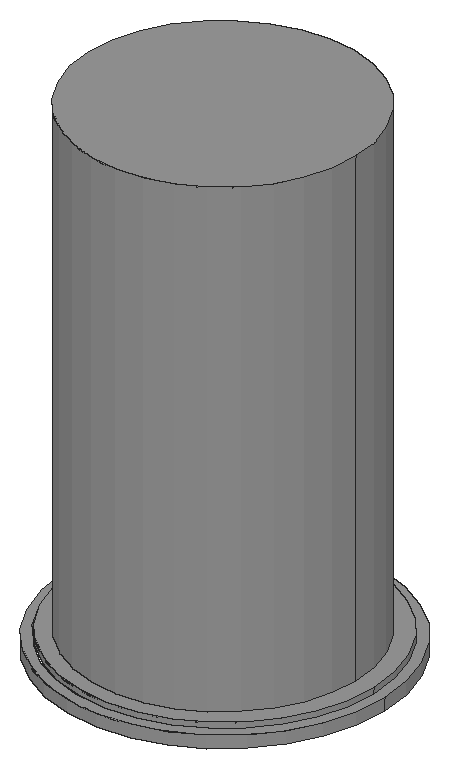
Revit family "Castor 2 Round Fix 02", category Lighting Fixtures, host Ceiling, Revit 2017
Family settings
  Host = Ceiling
  Round Connector Dimension = Use Diameter
  Part Type = Normal
  OmniClass Number = 23.80.70.11
  OmniClass Title = Luminaries for Internal Lighting
  Always vertical = Yes
  Cut with Voids When Loaded = No
  Light Source = Yes
  Shared = No
  Room Calculation Point = No
Parameters (values of type "50P")
  Wattage = 9.2903 W
  built-in parameter 1150110 = 1 (stored number, unit not read)
  built-in parameter 1114217 = 1 (stored number, unit not read)
  Tilt Angle = 90.00°
  built-in parameter 1150109 = 1 (stored number, unit not read)
  built-in parameter 1150134 = (empty or 0)
  built-in parameter 1150113 = 1 (stored number, unit not read)
  Photometric Web File = "ELR50P 35D.IES"
  Lumens = 1380 lm
  built-in parameter 1150115 = 1 (stored number, unit not read)
  built-in parameter 1150105 = 109.82 (stored number, unit not read)
  built-in parameter 1150137 = (empty or 0)
  built-in parameter 1150139 = (empty or 0)
  built-in parameter 1150112 = 1 (stored number, unit not read)
  built-in parameter 1150114 = 1 (stored number, unit not read)
  built-in parameter 1150132 = 2
  built-in parameter 1150102 = (empty or 0)
  built-in parameter 1150138 = (empty or 0)
  built-in parameter 1150107 = 3000 (stored number, unit not read)
  built-in parameter 1150106 = 1.0982 (stored number, unit not read)
  built-in parameter 1150104 = 13.8 (stored number, unit not read)
  Dimming Lamp Color Temperature Shift = <None>
  Color Filter = 16777215
  built-in parameter 1114218 = 1 (stored number, unit not read)
  built-in parameter 1150133 = 10 (stored number, unit not read)
Types (2): name
  Type 1
  50P
Reference planes
  plane 1 "Light Source Axis (F/B)": y = 0
  plane 2: z = 0
  plane 3 "Light Source Axis (L/R)": x = 0
  plane 4 "Ceiling": z = 4000
  plane 5 "Light Source Elevation": z = 4000
  plane 6 "right": x = -29.607
  plane 7 "down": z = 4001.009
  plane 8 "left": x = 30.393
  plane 9 "front": z = 4090
  plane 10: y = -29.988
  plane 11 "Top": y = 30.012
Forms (mm)
  Extrusion 1, solid, material "ELR Plastic, Opaque White"
    sketch origin (239.98, 0, 4000) x (-1, 0, 0) y (0, -1, 0)
      loop
        circle (239.98, 0) r 25
      loop
        circle (239.98, 0) r 16.59
    from 2.018 to 90
  Extrusion 2, solid, material "ELR Plastic, Opaque White"
    sketch origin (-113.031, 0, 4000) x (0, 1, 0) y (-1, 0, 0)
      loop
        circle (0.01, -113.424) r 30
      loop
        circle (0, -113.031) r 28.007
    from -1.23 to 1.009
  Extrusion 3, solid, material "ELR Plastic, Opaque White"
    sketch origin (-113.031, 0, 4000) x (0, 1, 0) y (-1, 0, 0)
      loop
        circle (0.01, -113.424) r 28
      loop
        circle (0, -113.031) r 25
    from 1.009 to 2.018
  Extrusion 4, solid, material "ELR Plastic, Opaque White"
    sketch origin (0, 0, 4000) x (0, 1, 0) y (-1, 0, 0)
      loop
        circle (0, 0) r 16.59
    from 83.271 to 90
  Extrusion 5, solid, material "ELR Light Emissive"
    sketch origin (0, 0, 4001.009) x (0, 1, 0) y (-1, 0, 0)
      loop
        circle (0, 0) r 16.59
    from 2 to 4
Cuts and joins
  joined: Extrusion 1, Extrusion 4
Lines and regions (mm)
  Opening 1
    outline origin (0, 0, 4000) x (1, 0, 0) y (0, 1, 0)
      loop
        circle (0, 0) r 30.007
Dimensions and locks
  equal spacing: host sketch curve, plane 3 "Light Source Axis (L/R)", host sketch curve
  equal spacing: host sketch curve, plane 1 "Light Source Axis (F/B)", host sketch curve
  host sketch curve to host sketch curve = 4000 mm  (x2)
  plane 4 "Ceiling" to host ceiling = 0 mm
  plane 6 "right" to plane 8 "left" = 60 mm  (x2)
  plane 11 "Top" to plane 10 = 60 mm
  imposter light to plane 9 "front" = 90 mm
  aligned and locked: plane 3 "Light Source Axis (L/R)" to imposter light
  aligned and locked: plane 1 "Light Source Axis (F/B)" to imposter light
  aligned and locked: plane 5 "Light Source Elevation" to imposter light
  aligned and locked: cut or joined group of Extrusion 1, Extrusion 4 to plane 9 "front"
  aligned and locked: plane 9 "front" to cut or joined group of Extrusion 1, Extrusion 4
